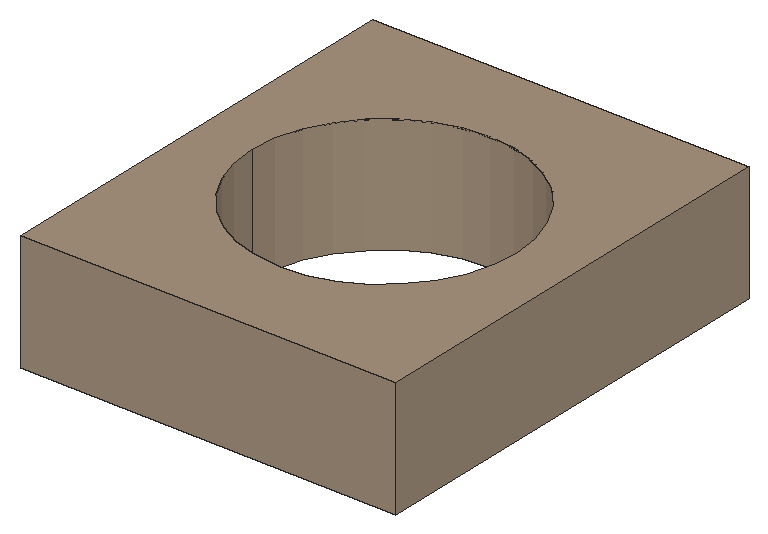
Revit family
Parameters
  Warranty Duration (Years) = 50
  URL = "http://www.nativecustomstone.com/"
  Test Data = "http://www.nativecustomstone.com/specs/testing-and-ics-esr-report"
  Specification = "http://www.nativecustomstone.com/specs/3-part-spec"
  Send Message = "http://www.arcat.com/users.pl?action=UserEmail&company=Native+Custom+Stone&coid=48056&rep=152&fax=706-216-5550&mf="
  Sales Information = "http://www.nativecustomstone.com/contact"
  Revision = "R1_10-2012"
  Product Properties = "http://www.nativecustomstone.com/specs/spec-data-sheet"
  Product Data = "http://www.arcat.com/arcatcos/cos48/arc48056.html"
  Model = "As Specified in 04 73 00"
  Material = Native-Custom-Stone_Accessory-Material_Brown-Color
  Manufacturer Website = "www.nativecstone.com"
  Manufacturer Phone - Toll Free = "888-823-0745"
  Manufacturer Phone = "706-216-5545"
  Manufacturer Fax = "706-216-5550"
  Manufacturer Email = "http://www.arcat.com/users.pl?action=UserEmail&company=Native+Custom+Stone&coid=48056&rep=152&fax=706-216-5550&mf="
  Manufacturer Address = "236 Hightower Pkwy. Dawsonville, GA 30534"
  Manufacturer = "Native Custom Stone"
  Maintenance Schedule (Months) = 12
  Keynote = "04 73 00"
  Installation-Fabrication = "http://www.nativecustomstone.com/specs/stone-installation-and-accessory-details"
  Installation Phase = "Masonry Finishes"
  Green Building-LEED = "http://www.nativecustomstone.com/specs/native-custom-stone-for-leeds-projects"
  Drawn By = "Sumex Design, Inc."
  Description = "Round Light Box as Specified in 04 73 00"
  Default Elevation = 0' - 0"
  Copyright = "©Arcat Inc."
  Construction Details = "http://www.nativecustomstone.com/specs/stone-installation-and-accessory-details"
  Company_ID = 48056
  Assembly Code = "B2010100"
Reference planes (in)
  plane 1 "Center (Front/Back)": y = 0
  plane 2: z = 0
  plane 3 "Center (Left/Right)": x = 0
  plane 4: x = -3.1875
  plane 5: x = 3.1875
  plane 6: y = 3.75
  plane 7: y = -3.75
  plane 8: z = 2
Forms (in)
  Extrusion 1, solid, material "Native-Custom-Stone_Accessory-Material_Brown-Color" <- "Material"
    sketch origin (0, 0, 0) x (1, 0, 0) y (0, 1, 0)
      loop
        line (3.1875, 3.75) -> (-3.1875, 3.75) -> (-3.1875, -3.75) -> (3.1875, -3.75) -> (3.1875, 3.75)
      loop
        circle (0, 0) r 2.25
    from 0 to 2
Dimensions and locks (in)
  equal spacing: plane 4, plane 3 "Center (Left/Right)", plane 5
  equal spacing: plane 7, plane 1 "Center (Front/Back)", plane 6
  locked: plane 7 to plane 6 at 7.5
  locked: plane 4 to plane 5 at 6.375
  locked: plane 8 to level at 2
  aligned and locked: Extrusion 1 sketch curve to plane 6
  aligned and locked: Extrusion 1 sketch curve to plane 7
  aligned and locked: plane 8 to Extrusion 1
Automatic sketch dimensions
  Extrusion 1 sketch curve to plane 4 = 0' - 0"
  Extrusion 1 sketch curve to plane 1 "Center (Front/Back)" = 0' - 0"
  Extrusion 1 sketch curve to plane 3 "Center (Left/Right)" = 0' - 0"
  Extrusion 1 sketch curve to plane 5 = 0' - 0"
  radius of Extrusion 1 sketch curve = 0' - 2 1/4"
